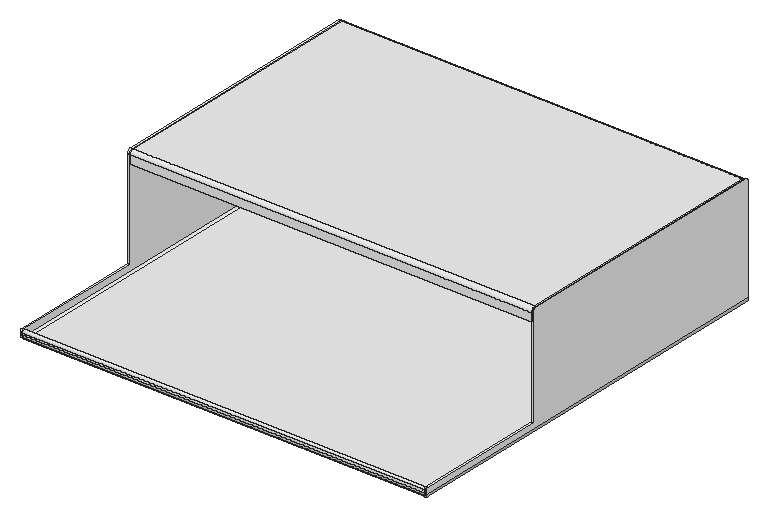
Revit family "HighTower_Tombolo_SHORTCubby", category Furniture, Revit 2015
Parameters
  Width = 2' - 2"  # constant formula
  URL = "www.hightoweraccess.com"
  Top [instance] = Furniture - HIGH TOWER - Tombolo - Top
  Partition [instance] = Furniture - HIGH TOWER - Tombolo - Partition
  Table Body [instance] = Furniture - HIGH TOWER - Tombolo - Table Body
  Product URL = ""
  Model = "HT3646"
  Manufacturer = "HighTower"
  Height = 1' - 5 19/128"  # constant formula
  Description = "Tombolo, Short Cubby"
  Depth = 2' - 2"  # constant formula
  Assembly Description = "Furniture & Accessories"
  Assembly Code = "E2020200"
Reference planes (in)
  plane 1: z = 0
  plane 2 "Center Left/Right": x = 0
  plane 3 "L": x = -13
  plane 4 "R": x = 13
  plane 5 "F": y = -13.7524
  plane 6: y = 12.2476
  plane 7: through (-6.25338, 2.33237, 23.38953) normal (0.4297, -0.4297, 0.7941)
  plane 8: z = 17.5
  plane 9: z = 10.4
  plane 10: y = -0.7524
  plane 11: y = 5.2476
  plane 12: z = 16.75
  plane 13: y = -13.5024
  plane 14: y = 11.9976
  plane 15: x = -12.75
  plane 16: x = 12.75
  plane 17: z = 10.75
  plane 18: y = -0.5624
Forms (in)
  Extrusion 1, solid, material "Furniture - HIGH TOWER - Tombolo - Top" <- "Top"
    sketch origin (0, 0, 0) x (0, 1, 0) y (0, 0, 1)
      loop
        line (11.7476, 17.5) -> (-13.2524, 17.5)
        arc (-13.2524, 17.5) -> (-13.42918, 17.42678) -> (-13.5024, 17.25) r 0.25
        line (-13.5024, 17.25) -> (-13.5024, 17) -> (-12.5024, 17) -> (-12.2524, 16.75) -> (11.9976, 16.75) -> (11.9976, 17.25)
        arc (11.9976, 17.25) -> (11.92438, 17.42678) -> (11.7476, 17.5) r 0.25
    from -12.75 to 12.75
  Extrusion 2, solid, material "Furniture - HIGH TOWER - Tombolo - Table Body" <- "Table Body"
    sketch origin (0, -0.7524, 0) x (1, 0, 0) y (0, 0, 1)
      loop
        line (-12.75, 17.5) -> (-12.875, 17.5) -> (-12.875, 10.65)
        arc (-12.875, 10.65) -> (-12.80178, 10.47322) -> (-12.625, 10.4) r 0.25
        line (-12.625, 10.4) -> (12.625, 10.4)
        arc (12.625, 10.4) -> (12.80178, 10.47322) -> (12.875, 10.65) r 0.25
        line (12.875, 10.65) -> (12.875, 17.5) -> (12.75, 17.5) -> (12.75, 10.65)
        arc (12.75, 10.65) -> (12.71339, 10.56161) -> (12.625, 10.525) r 0.125
        line (12.625, 10.525) -> (-12.625, 10.525)
        arc (-12.625, 10.525) -> (-12.71339, 10.56161) -> (-12.75, 10.65) r 0.125
        line (-12.75, 10.65) -> (-12.75, 17.5)
    from -12.75 to 12.75
  Extrusion 3, solid, material "Furniture - HIGH TOWER - Tombolo - Top" <- "Top"
    sketch origin (0, 0, 0) x (0, 1, 0) y (0, 0, 1)
      loop
        line (11.9976, 10.525) -> (11.9976, 16.75) -> (11.4976, 16.75) -> (11.4976, 10.525) -> (11.9976, 10.525)
    from -12.75 to 12.75
  Extrusion 4, void
    sketch origin (0, 0, 0) x (0, 1, 0) y (0, 0, 1)
      loop
        arc (11.9976, 17.25) -> (12.2476, 17.5) -> (11.9976, 17.75) r 0.25
        line (11.9976, 17.75) -> (-14.5024, 17.75) -> (-14.5024, 9.9) -> (-12.7524, 9.9) -> (-12.7524, 10.4) -> (-13.1274, 10.4)
        arc (-13.1274, 10.4) -> (-13.39256, 10.50983) -> (-13.5024, 10.775) r 0.375
        line (-13.5024, 10.775) -> (-13.5024, 10.905)
        arc (-13.5024, 10.905) -> (-13.46579, 10.99339) -> (-13.3774, 11.03) r 0.125
        line (-13.3774, 11.03) -> (-5.0024, 11.03) -> (-5.0024, 17.25)
        arc (-5.0024, 17.25) -> (-4.92918, 17.42678) -> (-4.7524, 17.5) r 0.25
        line (-4.7524, 17.5) -> (11.7476, 17.5)
        arc (11.7476, 17.5) -> (11.92438, 17.42678) -> (11.9976, 17.25) r 0.25
    from -13 to 13
  Extrusion 5, solid, material "Furniture - HIGH TOWER - Tombolo - Table Body" <- "Table Body"
    sketch origin (0, 0, 0) x (0, 1, 0) y (0, 0, 1)
      loop
        line (-13.5024, 10.905) -> (-13.5024, 10.775)
        arc (-13.5024, 10.775) -> (-13.46973, 10.62191) -> (-13.3774, 10.49549) r 0.375
        line (-13.3774, 10.49549) -> (-13.3774, 11.03)
        arc (-13.3774, 11.03) -> (-13.46579, 10.99339) -> (-13.5024, 10.905) r 0.125
    from -12.75 to 12.75
Cuts and joins
  Extrusion 4 cuts Extrusion 1
  Extrusion 4 cuts Extrusion 2
Dimensions and locks (in)
  equal spacing: plane 3 "L", plane 2 "Center Left/Right", plane 4 "R"
  "Width": plane 3 "L" to plane 4 "R"
  "Depth": plane 6 to plane 5 "F"
  locked: plane 9 to level at 10.4
  equal spacing: plane 6, plane 10, plane 5 "F"
  locked: plane 16 to plane 4 "R" at 0.25
  locked: plane 15 to plane 3 "L" at 0.25
  aligned and locked: Extrusion 1 to plane 15
  aligned and locked: Extrusion 1 to plane 16
  aligned and locked: Extrusion 4 to plane 3 "L"
  aligned and locked: Extrusion 4 to plane 4 "R"
Automatic sketch dimensions
  Extrusion 2 sketch curve to Extrusion 2 sketch curve = 0' - 0"  (x4)
  Extrusion 2 sketch curve to plane 8 = 0' - 0"  (x2)
  Extrusion 2 sketch curve to plane 15 = 0' - 0"
  Extrusion 2 sketch curve to plane 9 = 0' - 0"
  plane 16 to Extrusion 2 sketch curve = 0' - 0"
  Extrusion 2 sketch curve to plane 17 = 0' - 0.1"  (x2)
  Extrusion 2 sketch curve to Extrusion 2 sketch curve = 0' - 0 1/8"
  Extrusion 1 sketch curve to plane 13 = 0' - 0"
  Extrusion 1 sketch curve to plane 8 = 0' - 0"
  Extrusion 1 sketch curve to plane 12 = 0' - 0"
  Extrusion 1 sketch curve to plane 14 = 0' - 0"
  plane 13 to Extrusion 1 sketch curve = 0' - 0 1/4"
  plane 12 to Extrusion 1 sketch curve = 0' - 0 1/4"
  Extrusion 1 sketch curve to Extrusion 1 sketch curve = 0' - 0 3/4"
  Extrusion 1 sketch curve to Extrusion 1 sketch curve = 0' - 0 1/4"
  plane 14 to Extrusion 1 sketch curve = 0' - 0 1/4"
  Extrusion 3 sketch curve to plane 12 = 0' - 0"
  Extrusion 3 sketch curve to plane 14 = 0' - 0"
  Extrusion 3 sketch curve to Extrusion 3 sketch curve = 0' - 0 1/2"
  plane 9 to Extrusion 3 sketch curve = 0' - 0 1/8"
  Extrusion 4 sketch curve to plane 13 = 0' - 0"
  Extrusion 4 sketch curve to plane 9 = 0' - 0"
  Extrusion 4 sketch curve to plane 8 = 0' - 0"  (x2)
  Extrusion 4 sketch curve to plane 14 = 0' - 0"
  plane 8 to Extrusion 4 sketch curve = 0' - 0 1/4"
  Extrusion 4 sketch curve to plane 5 "F" = 0' - 0 3/4"
  plane 13 to Extrusion 4 sketch curve = 0' - 0 1/8"
  plane 17 to Extrusion 4 sketch curve = 0' - 0.025"
  Extrusion 4 sketch curve to Extrusion 4 sketch curve = 0' - 0 3/8"
  Extrusion 4 sketch curve to plane 8 = 0' - 0 1/4"
  Extrusion 4 sketch curve to plane 10 = 0' - 4 1/4"
  Extrusion 4 sketch curve to plane 9 = 0' - 0 1/2"
  plane 17 to Extrusion 4 sketch curve = 0' - 0.155"
  Extrusion 5 sketch curve to plane 13 = 0' - 0"
  plane 9 to Extrusion 5 sketch curve = 0' - 0.09549"
  Extrusion 5 sketch curve to Extrusion 5 sketch curve = 0' - 0 1/8"
  plane 17 to Extrusion 5 sketch curve = 0' - 0.025"
  Extrusion 5 sketch curve to Extrusion 5 sketch curve = 0' - 0.13"
